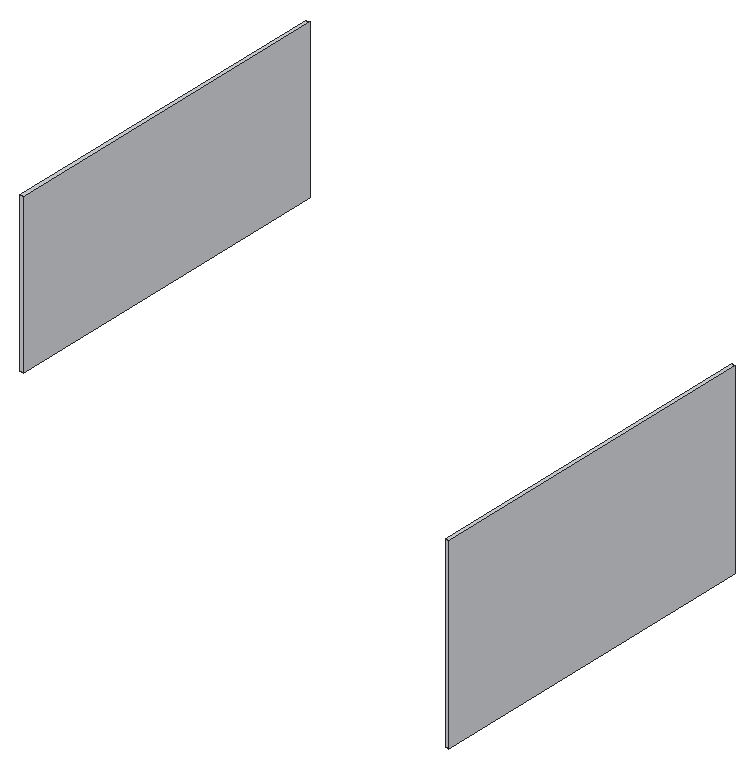
Revit family "EKF450E3 BIM position 1", category Mechanical Equipment, Revit 2013
Parameters (values of type "EKF450E3")
  Width = "700 mm"
  Weight = "83.5 kg"
  Warranty period = "Unit 2 years                                    Motor 5 years"
  Sub Type = "Lo-Carbon Kitchen Box Fan"
  Width (including handles) = "784 mm"
  Height (inclusing controller) = "826 mm"
  Product Description = "Lo-Carbon Kitchen Box Fan"
  Part Number = "EKF450E3"
  Operating Temperature = "(-20C to +40C)"
  Maximum In-Duct Temperature = "120 Degrees C"
  Motor Rating = "0.99kW Max"
  Manufacturer - Website = "www.vent-axia.com"
  Manufacturer - Name = "Vent-Axia Ltd"
  Manufacturer - Email = "sales@vent-axia.com"
  Manufacturer - Contact Phone = "0844 856 0590"
  Manufacturer - Address = "Fleming Way, Crawley, West Sussex RH10 9YX"
  IP Rating = "IP54"
  Height = "700 mm\r\n220mm"
  Length = "700 mm"
  Family = "In-Line Range"
  Country of Manufacture = "UK"
  Category = "Lo-Carbon Kitchen Box Fan"
  AC Voltage Input = "380-415V AC Three Phase"
  AC Frequency Input = "50 Hz"
Reference planes
  plane 1 "Center (Front/Back)": y = 0
  plane 2: z = 0
  plane 3 "Center (Left/Right)": x = 0
  plane 4: z = 413
  plane 5: z = -413
  plane 6: y = -392
  plane 7: y = 392
  plane 8: z = 288.063
  plane 9: z = -411.937
  plane 10: y = 292.257
  plane 11: y = -291.465
  plane 12: z = 217.127
  plane 13: z = -40.516
  plane 14: z = -42.026
  plane 15: z = -346.468
Forms (mm)
  Extrusion 1, solid, detail levels coarse+medium
    sketch origin (-1334.08, 243.949, -45.414) x (1, 0, 0) y (0, 1, 0)
      loop
        line (919.08, 171.051) -> (919.08, -669.889) -> (1723.743, -669.889) -> (1723.743, 171.051) -> (919.08, 171.051)
    from -436.75 to 505.414
  Extrusion 2, solid
    sketch origin (0, 0, 0) x (0, 1, 0) y (0, 0, 1)
      loop
        line (292.257, -42.026) -> (-291.465, -42.026) -> (-291.465, -346.468) -> (292.257, -346.468) -> (292.257, -42.026)
    from 341.25 to 346.564
  Extrusion 3, solid
    sketch origin (-696.442, 0, 288.403) x (0, 1, 0) y (0, 0, 1)
      loop
        line (292.257, -71.276) -> (-291.465, -71.276) -> (-291.465, -328.919) -> (292.257, -328.919) -> (292.257, -71.276)
    from 341.25 to 347.792
Dimensions and locks
  plane 4 to plane 5 = 826 mm
  plane 7 to plane 6 = 784 mm
  plane 9 to plane 8 = 700 mm
  plane 10 to plane 11 = 583.723 mm
  plane 12 to plane 13 = 257.643 mm
  plane 14 to plane 15 = 304.442 mm
Connectors
  hvac at (349.302, 0.396, -194.247)
    settings: on import instance, index 1, duct flow 0.0 L/s, flow factor 0, pres drop 0.0 Pa, loss coef 0, conn angle 0.00°, conn width 584 mm, conn height 304 mm, conn radius 304.8 mm, duct sys type 2, conn prof type 1, flow config 0, flow direction 1, loss method 0, conn ref index -1, conn util no, is conn primary yes, conn desc ""
  hvac at (-348.65, 0.396, 88.305)
    settings: on import instance, index 2, duct flow 0.0 L/s, flow factor 0, pres drop 0.0 Pa, loss coef 0, conn angle 0.00°, conn width 584 mm, conn height 258 mm, conn radius 304.8 mm, duct sys type 2, conn prof type 1, flow config 0, flow direction 2, loss method 0, conn ref index -1, conn util no, is conn primary no, conn desc ""
